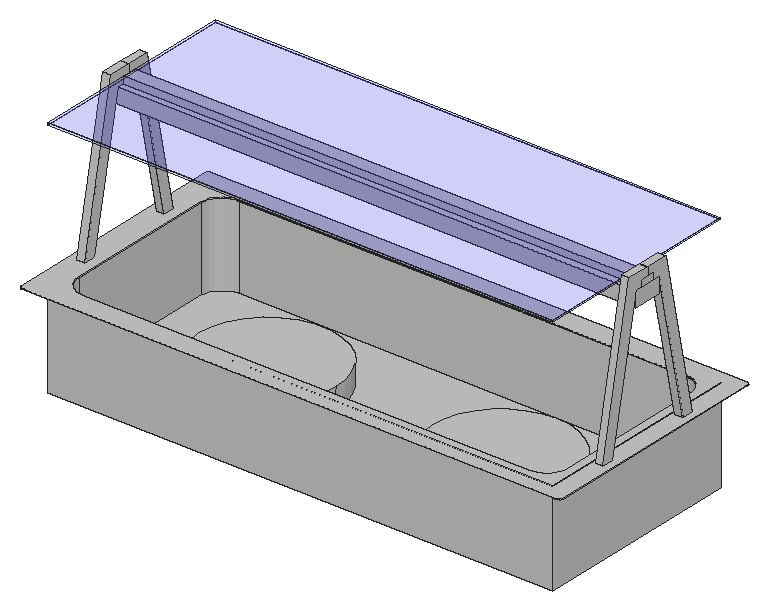
Revit family "QF_ZANUSSI_341161_D03C3", category Specialty Equipment, Revit 2023
Family settings
  Round Connector Dimension = Use Diameter
  Part Type = Normal
  Work Plane-Based = No
  Enable Cutting in Views = No
  Always vertical = Yes
  Cut with Voids When Loaded = No
  Maintain Annotation Orientation = No
  Shared = No
  Room Calculation Point = No
Parameters (values of type "Standard")
  Weight = 57.05 kg
  Watts = 0 W
  Volts = 220 V
  URL Manufacturer = "http://www.zanussiprofessional.com"
  URL = "http://www.zanussiprofessional.com"
  Steam Supply Size = 0 mm
  Steam Supply Minimum Pressure = 0.0 Pa
  Steam Supply Maximum Pressure = 0.0 Pa
  Steam Consumption per Hour = 0
  Refrigeration Suction Line Size = 0 mm
  Refrigeration Liquid Line Size = 0 mm
  Refrigerant Compressor Remote = yes
  Default Elevation = 0 mm
  Manufacturer = "Zanussi"
  Phase = 1
  Model = "D03C3"
  Length Actual = 1420 mm
  Item Number = "341161"
  Hot Water Size = 0 mm
  Height Actual = 680 mm
  HP = "2.8 HP"
  Gas Size = 0 mm
  Gas KW = 0
  Gas Input Pressure = 0 W
  Direct Waste Size = 25.4 mm
  Description = "DROP-IN BAIN-MARIE, AIR VENTILATED, SINGLE WELL, 4GN WITH A TYPE OVERSHELF AND HALOGEN LAMP"
  Depth Actual = 620 mm
  Cycle = 50 Hz
  Condensate Return Size = 0 mm
  Compressed Air Volume = 0.0 L/s
  Compressed Air Size = 0 mm
  Compressed Air Pressure = 0.0 Pa
  Cold Water Size = 0 mm
  Accessory = no
Reference planes
  plane 1 "BACK": y = 0
  plane 2: z = 5.426
  plane 3 "LEFT": x = 0
  plane 4: y = -620
  plane 5: x = 1420
  plane 6: z = 409.426
  plane 7: y = -310
  plane 8: x = 710
Forms (mm)
  Extrusion 1, solid, material "QF_Finishes_Stainless Steel"
    sketch origin (0, 0, 5.426) x (1, 0, 0) y (0, 1, 0)
      loop
        arc (10, 0) -> (2.929, -2.929) -> (0, -10) r 10
        line (0, -10) -> (0, -610)
        arc (0, -610) -> (2.929, -617.071) -> (10, -620) r 10
        line (10, -620) -> (1410, -620)
        arc (1410, -620) -> (1417.071, -617.071) -> (1420, -610) r 10
        line (1420, -610) -> (1420, -10)
        arc (1420, -10) -> (1417.071, -2.929) -> (1410, 0) r 10
        line (1410, 0) -> (10, 0)
    from 0 to 1
  Extrusion 2, solid, material "QF_Finishes_Stainless Steel"
    sketch origin (0, 0, 12.548) x (1, 0, 0) y (0, 1, 0)
      loop
        line (50, -35) -> (50, -585) -> (1370, -585) -> (1370, -35) -> (50, -35)
    from -251.122 to -7.122
  Extrusion 3, void
    sketch origin (0, 0, -2.817) x (1, 0, 0) y (0, 1, 0)
      loop
        arc (125, -55) -> (86.109, -71.109) -> (70, -110) r 55
        line (70, -110) -> (70, -510)
        arc (70, -510) -> (86.109, -548.891) -> (125, -565) r 55
        line (125, -565) -> (1295, -565)
        arc (1295, -565) -> (1333.891, -548.891) -> (1350, -510) r 55
        line (1350, -510) -> (1350, -110)
        arc (1350, -110) -> (1333.891, -71.109) -> (1295, -55) r 55
        line (1295, -55) -> (125, -55)
    from -209.107 to 9.244
  Extrusion 4, solid, material "QF_Finishes_Stainless Steel"
    sketch origin (21.5, -620, 0) x (0, -1, 0) y (0, 0, -1)
      loop
        line (-310, -409.426) -> (-250.873, -409.426) -> (-165, -5.426) -> (-195, -5.426) -> (-272.583, -370.426) -> (-310, -370.426) -> (-310, -409.426)
    from 0 to 20
  Extrusion 5, solid, material "QF_Finishes_Stainless Steel"
    sketch origin (21.5, 0, 0) x (0, 1, 0) y (0, 0, 1)
      loop
        line (-310, 409.426) -> (-310, 370.426) -> (-272.583, 370.426) -> (-195, 5.426) -> (-165, 5.426) -> (-250.873, 409.426) -> (-310, 409.426)
    from 0 to 20
  Extrusion 6, solid, material "QF_Finishes_Stainless Steel"
    sketch origin (1398.5, -620, 0) x (0, -1, 0) y (0, 0, 1)
      loop
        line (-310, 409.426) -> (-310, 370.426) -> (-272.583, 370.426) -> (-195, 5.426) -> (-165, 5.426) -> (-250.873, 409.426) -> (-310, 409.426)
    from 0 to 20
  Extrusion 7, solid, material "QF_Finishes_Stainless Steel"
    sketch origin (1398.5, 0, 0) x (0, 1, 0) y (0, 0, -1)
      loop
        line (-310, -409.426) -> (-250.873, -409.426) -> (-165, -5.426) -> (-195, -5.426) -> (-272.583, -370.426) -> (-310, -370.426) -> (-310, -409.426)
    from 0 to 20
  Extrusion 8, solid, material "QF_Finishes_Stainless Steel"
    sketch origin (0, 0, 0) x (0, 1, 0) y (0, 0, 1)
      loop
        line (-291.292, 370.426) -> (-291.292, 387.956) -> (-328.917, 387.956) -> (-328.917, 370.426) -> (-291.292, 370.426)
    from 21.5 to 1398.5
  Extrusion 9, solid, material "Vetro"
    sketch origin (0, 0, 5.426) x (1, 0, 0) y (0, 1, 0)
      loop
        line (50, -35) -> (50, -585) -> (1370, -585) -> (1370, -35) -> (50, -35)
    from 382.529 to 387.529
  Extrusion 10, solid, material "QF_Finishes_Stainless Steel"
    sketch origin (329.693, -341.308, -643.387) x (0, 0, -1) y (0, 1, 0)
      loop
        circle (-372.814, -140.692) r 12.7
    from 5 to 70.307
  Extrusion 11, solid, material "QF_Finishes_Stainless Steel"
    sketch origin (0, 0, 0) x (0, 1, 0) y (0, 0, 1)
      loop
        line (-272.583, 370.426) -> (-347.583, 370.426) -> (-347.583, 330.426) -> (-272.583, 330.426) -> (-272.583, 370.426)
    from 21.5 to 1398.5
  Extrusion 12, solid, material "QF_Finishes_Stainless Steel"
    sketch origin (34.947, 0, 0) x (0, 1, 0) y (0, 0, 1)
      loop
        line (-280.414, 330.426) -> (-340.414, 330.426) -> (-340.414, 325.426) -> (-280.414, 325.426) -> (-280.414, 330.426)
    from 113.553 to 313.553
  Extrusion 13, solid, material "QF_Finishes_Stainless Steel"
    sketch origin (769.053, 0, 0) x (0, 1, 0) y (0, 0, -1)
      loop
        line (-280.414, -330.426) -> (-280.414, -325.426) -> (-340.414, -325.426) -> (-340.414, -330.426) -> (-280.414, -330.426)
    from 113.553 to 313.553
  Extrusion 14, solid, material "QF_Finishes_Stainless Steel"
    sketch origin (1385.053, 0, 0) x (0, 1, 0) y (0, 0, -1)
      loop
        line (-280.414, -330.426) -> (-280.414, -325.426) -> (-340.414, -325.426) -> (-340.414, -330.426) -> (-280.414, -330.426)
    from 113.553 to 313.553
  Extrusion 15, solid, material "QF_Finishes_Stainless Steel"
    sketch origin (650.947, 0, 0) x (0, 1, 0) y (0, 0, 1)
      loop
        line (-280.414, 330.426) -> (-340.414, 330.426) -> (-340.414, 325.426) -> (-280.414, 325.426) -> (-280.414, 330.426)
    from 113.553 to 313.553
  Extrusion 16, solid, material "QF_Finishes_Stainless Steel"
    sketch origin (0, 0, 5.426) x (1, 0, 0) y (0, 1, 0)
      loop
        circle (386.025, -481.971) r 12.675
    from -276 to -244
  Extrusion 17, solid, material "QF_Finishes_Stainless Steel"
    sketch origin (0, 0, 22.375) x (1, 0, 0) y (0, 1, 0)
      loop
        circle (1015.693, -310) r 180
    from -234.299 to -181.299
  Extrusion 18, solid, material "QF_Finishes_Stainless Steel"
    sketch origin (1420, 0, 22.375) x (-1, 0, 0) y (0, -1, 0)
      loop
        circle (1015.693, 310) r 180
    from -234.299 to -181.299
  Extrusion 19, solid, material "QF_Finishes_Stainless Steel"
    sketch origin (0, 0, 0.351) x (0, 1, 0) y (0, 0, 1)
      loop
        line (-161.185, -238.924) -> (-461.185, -238.924) -> (-461.185, -268.924) -> (-161.185, -268.924) -> (-161.185, -238.924)
    from 247.74 to 572.66
  Extrusion 20, solid, material "QF_Finishes_Stainless Steel"
    sketch origin (1420, 0, 0.351) x (0, 1, 0) y (0, 0, -1)
      loop
        line (-161.185, 238.924) -> (-161.185, 268.924) -> (-461.185, 268.924) -> (-461.185, 238.924) -> (-161.185, 238.924)
    from 247.74 to 572.66
Cuts and joins
  Extrusion 3 cuts Extrusion 1
  Extrusion 3 cuts Extrusion 2
Dimensions and locks
  equal spacing: Extrusion 1, Extrusion 2 sketch curve, Extrusion 2 sketch curve, Extrusion 1  (x2)
  Extrusion 1 to Extrusion 1 = 1420 mm
  Extrusion 1 to plane 1 "BACK" = 620 mm
  equal spacing: Extrusion 2, Extrusion 3 sketch curve, Extrusion 3 sketch curve, Extrusion 2  (x2)
  plane 6 to plane 2 = 404 mm
  equal spacing: plane 3 "LEFT", plane 8, plane 5
  Extrusion 11 sketch curve to cut or joined group of Extrusion 1, Extrusion 3 = 324 mm
  Extrusion 5 to plane 8 to Extrusion 7 = 668.5 mm, 668.5 mm
  aligned and locked: level to plane 2
Automatic sketch dimensions
  Extrusion 1 sketch curve to plane 3 "LEFT" = 0 mm
  plane 4 to Extrusion 1 sketch curve = 0 mm
  plane 1 "BACK" to Extrusion 1 sketch curve = 0 mm
  Extrusion 1 sketch curve to plane 5 = 0 mm
  plane 3 "LEFT" to Extrusion 1 sketch curve = 10 mm  (x2)
  plane 5 to Extrusion 1 sketch curve = 10 mm  (x2)
  plane 3 "LEFT" to Extrusion 2 sketch curve = 50 mm
  plane 5 to Extrusion 2 sketch curve = 50 mm
  Extrusion 2 sketch curve to plane 4 = 35 mm
  plane 1 "BACK" to Extrusion 2 sketch curve = 35 mm
  plane 3 "LEFT" to Extrusion 3 sketch curve = 70 mm
  Extrusion 3 sketch curve to Extrusion 3 sketch curve = 55 mm  (x3)
  Extrusion 3 sketch curve to plane 4 = 55 mm
  plane 5 to Extrusion 3 sketch curve = 125 mm  (x2)
  plane 1 "BACK" to Extrusion 3 sketch curve = 110 mm
  Extrusion 4 sketch curve to plane 7 = 0 mm
  plane 6 to Extrusion 4 sketch curve = 0 mm
  Extrusion 4 sketch curve to level = 0 mm
  Extrusion 4 sketch curve to Extrusion 4 sketch curve = 37.417 mm
  Extrusion 4 sketch curve to Extrusion 4 sketch curve = 21.71 mm
  plane 7 to Extrusion 4 sketch curve = 115 mm
  Extrusion 4 sketch curve to Extrusion 4 sketch curve = 30 mm
  Extrusion 4 sketch curve to Extrusion 4 sketch curve = 39 mm
  Extrusion 5 sketch curve to plane 7 = 0 mm
  plane 6 to Extrusion 5 sketch curve = 0 mm
  Extrusion 5 sketch curve to level = 0 mm
  Extrusion 5 sketch curve to Extrusion 5 sketch curve = 37.417 mm
  Extrusion 5 sketch curve to Extrusion 5 sketch curve = 21.71 mm
  plane 7 to Extrusion 5 sketch curve = 115 mm
  Extrusion 5 sketch curve to Extrusion 5 sketch curve = 30 mm
  Extrusion 5 sketch curve to Extrusion 5 sketch curve = 39 mm
  Extrusion 6 sketch curve to plane 7 = 0 mm
  plane 6 to Extrusion 6 sketch curve = 0 mm
  Extrusion 6 sketch curve to level = 0 mm
  Extrusion 6 sketch curve to Extrusion 6 sketch curve = 37.417 mm
  Extrusion 6 sketch curve to Extrusion 6 sketch curve = 21.71 mm
  Extrusion 6 sketch curve to plane 7 = 115 mm
  Extrusion 6 sketch curve to Extrusion 6 sketch curve = 30 mm
  Extrusion 6 sketch curve to Extrusion 6 sketch curve = 39 mm
  Extrusion 7 sketch curve to plane 7 = 0 mm
  plane 6 to Extrusion 7 sketch curve = 0 mm
  Extrusion 7 sketch curve to level = 0 mm
  Extrusion 7 sketch curve to Extrusion 7 sketch curve = 37.417 mm
  Extrusion 7 sketch curve to Extrusion 7 sketch curve = 21.71 mm
  plane 7 to Extrusion 7 sketch curve = 115 mm
  Extrusion 7 sketch curve to Extrusion 7 sketch curve = 30 mm
  Extrusion 7 sketch curve to Extrusion 7 sketch curve = 39 mm
  Extrusion 8 sketch curve to plane 7 = 18.917 mm
  plane 7 to Extrusion 8 sketch curve = 18.708 mm
  plane 6 to Extrusion 8 sketch curve = 39 mm
  Extrusion 8 sketch curve to Extrusion 8 sketch curve = 17.529 mm
  plane 3 "LEFT" to Extrusion 9 sketch curve = 50 mm
  plane 5 to Extrusion 9 sketch curve = 50 mm
  Extrusion 9 sketch curve to plane 4 = 35 mm
  plane 1 "BACK" to Extrusion 9 sketch curve = 35 mm
  Extrusion 10 sketch curve to level = 276 mm
  Extrusion 10 sketch curve to plane 4 = 138 mm
  Extrusion 11 sketch curve to plane 7 = 37.583 mm
  plane 7 to Extrusion 11 sketch curve = 37.417 mm
  plane 6 to Extrusion 11 sketch curve = 39 mm
  Extrusion 12 sketch curve to plane 7 = 30.414 mm
  plane 7 to Extrusion 12 sketch curve = 29.586 mm
  plane 6 to Extrusion 12 sketch curve = 84 mm
  Extrusion 12 sketch curve to Extrusion 12 sketch curve = 5 mm
  Extrusion 13 sketch curve to plane 7 = 30.414 mm
  plane 7 to Extrusion 13 sketch curve = 29.586 mm
  plane 6 to Extrusion 13 sketch curve = 79 mm
  Extrusion 13 sketch curve to Extrusion 13 sketch curve = 5 mm
  Extrusion 14 sketch curve to plane 7 = 30.414 mm
  plane 7 to Extrusion 14 sketch curve = 29.586 mm
  plane 6 to Extrusion 14 sketch curve = 79 mm
  Extrusion 14 sketch curve to Extrusion 14 sketch curve = 5 mm
  Extrusion 15 sketch curve to plane 7 = 30.414 mm
  plane 7 to Extrusion 15 sketch curve = 29.586 mm
  plane 6 to Extrusion 15 sketch curve = 84 mm
  Extrusion 15 sketch curve to Extrusion 15 sketch curve = 5 mm
  Extrusion 16 sketch curve to plane 4 = 138.029 mm
  Extrusion 16 sketch curve to plane 8 = 323.975 mm
  Extrusion 17 sketch curve to plane 7 = 0 mm
  plane 8 to Extrusion 17 sketch curve = 305.693 mm
  Extrusion 18 sketch curve to plane 7 = 0 mm
  Extrusion 18 sketch curve to plane 8 = 305.693 mm
  Extrusion 19 sketch curve to plane 7 = 151.185 mm
  plane 7 to Extrusion 19 sketch curve = 148.815 mm
  Extrusion 19 sketch curve to level = 274 mm
  Extrusion 19 sketch curve to Extrusion 19 sketch curve = 30 mm
  Extrusion 20 sketch curve to plane 7 = 151.185 mm
  plane 7 to Extrusion 20 sketch curve = 148.815 mm
  Extrusion 20 sketch curve to level = 244 mm
  Extrusion 20 sketch curve to Extrusion 20 sketch curve = 30 mm
  radius of Extrusion 10 sketch curve = 12.7 mm
  radius of Extrusion 16 sketch curve = 12.675 mm
  radius of Extrusion 17 sketch curve = 180 mm
  radius of Extrusion 18 sketch curve = 180 mm
Connectors
  piping at (334.693, -482, -270.574), diameter 25.4
    settings: on Extrusion 10, index 5, connector inside diameter 609.6 mm, connector length 0 mm, flow factor 0, pipe flow 0.0 L/s, pressure drop 0.0 Pa, fitting loss kfactor 0, connector angle 0.00°, fixture units 0, engagement length 0 mm, angle of deflection 0.00°, flow configuration 0, flow direction 0, fitting loss method 0, system type 29, joint type 0, gender type 0, connector reference index -1, connector utility 0, adjustable connector no, is connector primary yes, connector description "D"
